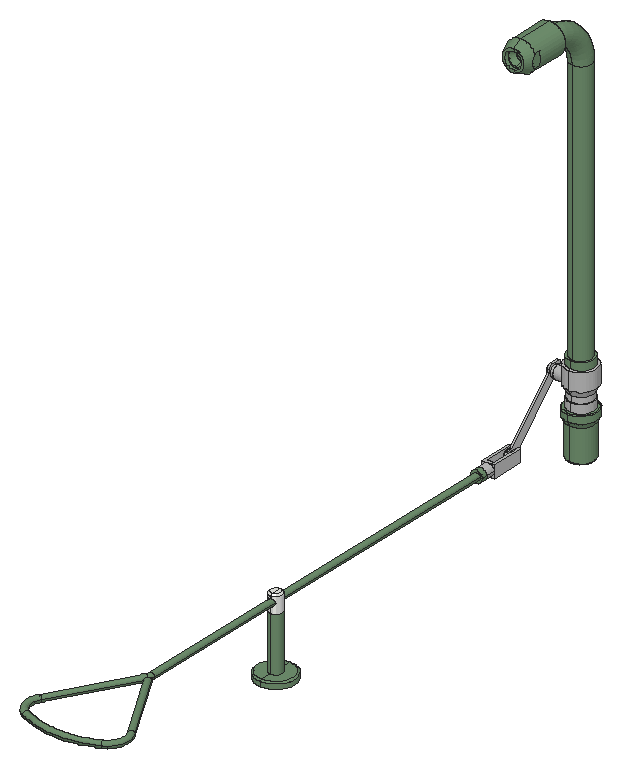
Revit family "PRD_FrankeWS_SftyShwrs_EmergencyShower_FAID0008", category Plumbing Fixtures, host Face, Revit 2018
Family settings
  Host = Face
  Round Connector Dimension = Use Diameter
  Part Type = Normal
  OmniClass Number = 23.45.05.14.99
  OmniClass Title = Other Sanitary Washing Plumbing Fixtures
  Cut with Voids When Loaded = Yes
  Shared = Yes
  Room Calculation Point = No
Parameters (values of type "FAID0008")
  WarrantyStartDate [instance] = "1900-12-31T23:59:59"
  WarrantyGuarantorParts = "n/a"
  WarrantyGuarantorLabor = "n/a"
  WarrantyDurationUnit = "year"
  WarrantyDurationParts = "n/a"
  WarrantyDurationLabor = "n/a"
  WarrantyDescription = "n/a"
  VolumeFlowRate = "1.83 l/s at 3 bar"
  Version = "1"
  Uniclass2015Version = "Products v1.17"
  Uniclass2015Title = "Safety showers"
  Uniclass2015Code = "Pr_40_20_27_75"
  URL = "www.kwc.com"
  TypeOfFitting = "Cantilever connection"
  Type = "Pipe connection"
  TagNumber [instance] = "n/a"
  SustainabilityPerformance = "n/a"
  SpoutProjection = "588.00 mm"
  Size = "n/a"
  ShowerType = "Individual"
  ShowerMaterial = PRD_AR_Brass_EPSCoated_Green
  ShowerHeadDescription = "Emergency shower head"
  Shape = "n/a"
  SerialNumber [instance] = "n/a"
  Revision = "n/a"
  ReplacementCost = "n/a"
  ProductInformation = "https://pim.kwc.com/product/2030019175/attachment/datasheet?locale=en"
  NominalWidth = 0.00 mm
  NominalHeight = 0.00 mm
  NominalDepth = 600.00 mm
  NetWeight = 2.10 kg
  Name = "Emergency Shower FAID0008"
  NBSTypeID = "n/a"
  NBSReference = "n/a"
  NBSOfficeMasterTag = "n/a"
  NBSNote = "n/a"
  NBSDescription = "n/a"
  NBSCertification = "n/a"
  ModelReference = "FAID0008"
  ModelNumber = "2030019175"
  Model = ModelReference  # "FAID0008"
  Material = "brass"
  ManufacturerURL = "www.kwc.com"
  ManufacturerName = "KWC Group AG"  # constant formula
  Manufacturer = ManufacturerName  # "KWC Group AG"
  IntegralAccessories = "n/a"
  InstallationDate [instance] = "1900-12-31T23:59:59"
  IfcExportType = "SHOWER"
  IfcExportAs = "IfcSanitaryTerminalType"
  HasTray = "FALSE"
  GrossWeight = 2.80 kg
  Grade = "n/a"
  Finish = "EPS coated"
  Features = "surface mounting, on connection piece provided by the customer. Valve activated by triangular handle"
  ExpectedLife = "n/a"
  DurationUnit = "year"
  DrainSize = 20.00 mm
  DiameterNominal = 20.00 mm
  Description = "Pull-rod operated emergency shower, for surface mounting, on connection piece provided by the customer. Valve activated by triangular handle. With wall bracket and emergency shower head. Non-self-closing, the water flow is stopped by pushing up the pull rod, green EPS coating (RAL 6032), complies with EN 15154, Part 1, includes the emergency shower safety symbol on an adhesive label in compliance with ISO 3864, Part 1 and user instructions. Volumetric flow rate approx. 65 l/min at 1 bar pressure, approx. 110 l/min at 3 bar pressure, water connection G 3/4 B."
  Default Elevation = 2300.00 mm
  CreatedOn = "03/2021"  # constant formula
  Constituents = "n/a"
  Color = "green"
  CodePerformance = "n/a"
  Category = "Pr_40_20_27_75, Safety showers"
  BarCode [instance] = "n/a"
  BIMObjectName = "PRD_AR_SafetyShowers_EmergencyShower_FAID0008"
  Author = "Archispace"  # constant formula
  AssetType = "Fixed"
  AssetIdentifier [instance] = "n/a"
  AccessibilityPerformance = "n/a"
Reference planes
  plane 1 "Center (Front/Back)": y = 0
  plane 2: z = 0
  plane 3 "Center (Left/Right)": x = 0
  plane 4: z = 86
  plane 5: y = -35
  plane 6: z = 162
Forms (mm)
  Sweep 1, solid, material "PRD_AR_Brass_EPSCoated_Green" <- "ShowerMaterial", detail levels medium+fine
    path origin (0, 0, 0) x (0, 1, 0) y (0, 0, 1)
      loop
        line (0, 192) -> (0, 539)
        arc (0, 539) -> (-14.059, 572.941) -> (-48, 587) r 48
    profile origin (0, 0, 365.5) x (0, -1, 0) y (1, 0, 0)
      loop
        circle (0, 0) r 13.5
  Revolve 2, solid, material "PRD_AR_Brass_EPSCoated_Green" <- "ShowerMaterial", detail levels fine
    sketch origin (0, 0, 187) x (0, 1, 0) y (0, 0, 1)
      loop
        line (-110.8, 389) -> (-110.8, 386) -> (-97.933, 380) -> (-50.9, 380) -> (-48.9, 382) -> (-48.9, 386.5) -> (-48, 386.5) -> (-48, 400) -> (-98.6, 400) -> (-98.6, 393.75) -> (-106.3, 390.542) -> (-106.3, 389) -> (-110.8, 389)
      axis (-48, 400) -> (-110.8, 400)
    angle from 0 to 360
  Extrusion 3, void
    sketch origin (-36, 0, 187) x (1, 0, 0) y (0, 0, 1)
      loop
        line (18, 429.585) -> (8, 429.585) -> (8, 377.355) -> (18, 377.355) -> (18, 429.585)
      loop
        line (54, 429.585) -> (54, 377.355) -> (66.947, 377.355) -> (66.947, 429.585) -> (54, 429.585)
    from 90.8 to 110.8
  Revolve 4, solid, material "PRD_AR_Brass_EPSCoated_Green" <- "ShowerMaterial", detail levels medium
    sketch origin (0, 0, 187) x (0, 1, 0) y (0, 0, 1)
      loop
        line (-110.8, 400) -> (-110.8, 380) -> (-48, 380) -> (-48, 400) -> (-110.8, 400)
      axis (-48, 400) -> (-110.8, 400)
    angle from 0 to 360
  Revolve 5, solid, material "PRD_AR_Brass_EPSCoated_Green" <- "ShowerMaterial", detail levels fine
    sketch origin (0, 0, 0) x (0, 1, 0) y (0, 0, 1)
      loop
        line (0, 72.5) -> (16.5, 72.5) -> (17.5, 73.5) -> (17.5, 115.938) -> (21, 122) -> (21, 131) -> (20, 132) -> (0, 132) -> (0, 72.5)
      axis (0, 132) -> (0, 72.5)
    angle from 0 to 360
  Revolve 6, solid, material "PRD_AR_Aluminium", detail levels fine
    sketch origin (0, 0, 0) x (0, 1, 0) y (0, 0, 1)
      loop
        line (16.46, 132) -> (16.46, 142.299) -> (15.433, 143.345) -> (15.433, 151.185) -> (20, 158.96) -> (20, 181.866) -> (16.777, 182.73) -> (0, 182.73) -> (0, 132) -> (16.46, 132)
      axis (0, 182.73) -> (0, 132)
    angle from 0 to 360
  Sweep 7, solid, material "PRD_AR_Brass_EPSCoated_Green" <- "ShowerMaterial", detail levels medium+fine
    path origin (-366, 75.159, 0) x (1, 0, 0) y (0, 1, 0)
      loop
        line (330, -201.023) -> (330, -736.023)
        arc (330, -736.023) -> (329.591, -739.129) -> (328.392, -742.023) r 12
        line (328.392, -742.023) -> (269.739, -843.614)
        arc (269.739, -843.614) -> (267.418, -863.211) -> (280.034, -878.386) r 25
        arc (280.034, -878.386) -> (330, -890.389) -> (379.966, -878.386) r 110
        arc (379.966, -878.386) -> (392.582, -863.211) -> (390.261, -843.614) r 25
        line (390.261, -843.614) -> (333.785, -745.793)
    profile origin (-36, -393.364, 0) x (1, 0, 0) y (0, 0, 1)
      loop
        circle (0, 91.436) r 4
  Extrusion 8, solid, material "PRD_AR_Aluminium", detail levels fine
    sketch origin (-189.067, 39.094, -238.564) x (0, 0, 1) y (0, -1, 0)
      loop
        line (322, 146.159) -> (322, 101.933)
        arc (322, 101.933) -> (330, 100.159) -> (338, 101.933) r 18.922
        line (338, 101.933) -> (338, 146.159) -> (322, 146.159)
    from 145 to 161.134
  Revolve 9, solid, material "PRD_AR_Aluminium", detail levels fine
    sketch origin (294, 23.094, 91.436) x (-1, 0, 0) y (0, -1, 0)
      loop
        line (330, 130.159) -> (330, 142.159) -> (322.5, 142.159) -> (322.5, 130.159) -> (330, 130.159)
      axis (330, 130.159) -> (330, 142.159)
    angle from 0 to 360
  Extrusion 10, void
    sketch origin (-189.067, 39.094, -238.564) x (0, 1, 0) y (-1, 0, 0)
      loop
        line (-100.159, -157) -> (-104.886, -161.821) -> (-98.159, -161.821) -> (-98.159, -144.179) -> (-104.886, -144.179) -> (-100.159, -149) -> (-142.159, -149) -> (-142.159, -157) -> (-100.159, -157)
    from 317.93 to 343.167
  Extrusion 11, solid, material "PRD_AR_Aluminium", detail levels fine
    sketch origin (-121, -401.064, -18.723) x (0, 1, 0) y (0, 0, 1)
      loop
        circle (330, 110.159) r 8
    from 86.5 to 88.933
  Extrusion 12, solid, material "PRD_AR_Aluminium", detail levels fine
    sketch origin (-126.5, -401.064, -18.723) x (0, 1, 0) y (0, 0, 1)
      loop
        circle (330, 110.159) r 8
    from 86.433 to 89
  Revolve 13, solid, material "PRD_AR_Aluminium", detail levels fine
    sketch origin (0, 0, -62) x (1, 0, 0) y (0, 0, 1)
      loop
        line (-41.6, 224) -> (-41.6, 220.031) -> (-40.2, 220.031) -> (-40.2, 218.5) -> (-38.2, 218.5) -> (-38.2, 220) -> (-33.7, 220) -> (-33.7, 216.294) -> (-30.5, 216.294) -> (-30.5, 218.035) -> (-29.5, 218.103) -> (-29.5, 215.5) -> (0, 215.5) -> (0, 224) -> (-41.6, 224)
      axis (-41.6, 224) -> (0, 224)
    angle from 0 to 360
  Extrusion 14, solid, material "PRD_AR_Aluminium", detail levels fine
    sketch origin (-1, -156.064, 168.802) x (0, 0, -1) y (0, -1, 0)
      loop
        line (68.97, -86.325) -> (7.231, -148.064) -> (3.302, -148.064)
        arc (3.302, -148.064) -> (-0.234, -149.529) -> (-1.698, -153.064) r 5
        line (-1.698, -153.064) -> (-1.698, -164.064) -> (9.302, -164.064)
        arc (9.302, -164.064) -> (12.837, -162.6) -> (14.302, -159.064) r 5
        line (14.302, -159.064) -> (14.302, -155.135) -> (76.041, -93.396)
        arc (76.041, -93.396) -> (83.376, -78.99) -> (68.97, -86.325) r 8.5
      loop
        circle (6.802, -156.564) r 4
    from 33.5 to 36.5
  Revolve 15, solid, material "PRD_AR_Brass_EPSCoated_Green" <- "ShowerMaterial", detail levels medium
    sketch origin (0, 0, 0) x (0, 1, 0) y (0, 0, 1)
      loop
        line (0, 72.5) -> (17.5, 72.5) -> (17.5, 115.938) -> (21, 122) -> (21, 132) -> (0, 132) -> (0, 72.5)
      axis (0, 132) -> (0, 72.5)
    angle from 0 to 360
  Revolve 16, solid, material "PRD_AR_Aluminium", detail levels medium
    sketch origin (0, 0, 0) x (0, 1, 0) y (0, 0, 1)
      loop
        line (16.46, 132) -> (16.46, 152.933) -> (20, 158.96) -> (20, 182.73) -> (0, 182.73) -> (0, 132) -> (16.46, 132)
      axis (0, 182.73) -> (0, 132)
    angle from 0 to 360
  Extrusion 17, solid, material "PRD_AR_Aluminium", detail levels medium
    sketch origin (-189.067, 21.228, -238.564) x (0, 0, 1) y (0, -1, 0)
      loop
        line (322, 147.093) -> (322, 82.294) -> (338, 82.294) -> (338, 147.093) -> (322, 147.093)
    from 145 to 161.134
  Extrusion 18, solid, material "PRD_AR_Aluminium", detail levels medium
    sketch origin (-5.366, -156.064, 168.802) x (0, 0, -1) y (0, -1, 0)
      loop
        line (73.83, -81.464) -> (2.766, -152.529) -> (9.837, -159.6) -> (80.902, -88.536) -> (73.83, -81.464)
    from 29.134 to 32.134
  Extrusion 19, solid, material "PRD_AR_Brass_EPSCoated_Green" <- "ShowerMaterial", detail levels coarse
    sketch origin (0, 0, 42.5) x (0, 1, 0) y (-1, 0, 0)
      loop
        line (25, 45) -> (-110.8, 45) -> (-110.8, -22.15) -> (25, -22.15) -> (25, 45)
    from 30 to 565
  Extrusion 20, solid, material "PRD_AR_Brass_EPSCoated_Green" <- "ShowerMaterial", detail levels coarse
    sketch origin (-36, 0, 42.5) x (0, 1, 0) y (-1, 0, 0)
      loop
        line (-110.8, -71.933) -> (-110.8, 73.067) -> (-819.786, 73.067) -> (-819.786, -71.933) -> (-110.8, -71.933)
    from -42.5 to 58.936
  Revolve 21, solid, material "PRD_AR_Brass_EPSCoated_Green" <- "ShowerMaterial", detail levels medium+fine
    sketch origin (0, 0, 0) x (0, 1, 0) y (0, 0, 1)
      loop
        line (16.612, 182.73) -> (16.612, 192) -> (0, 192) -> (0, 182.73) -> (16.612, 182.73)
      axis (0, 192) -> (0, 182.73)
    angle from 0 to 360
  Revolve 22, solid, material "PRD_AR_Brass_EPSCoated_Green" <- "ShowerMaterial", detail levels fine
    sketch origin (294, 8.094, 91.436) x (-1, 0, 0) y (0, -1, 0)
      loop
        line (322.5, 127.159) -> (330, 127.159) -> (330, 133.959) -> (322.5, 133.959) -> (322.5, 127.159)
      axis (330, 127.159) -> (330, 133.959)
    angle from 0 to 360
  Revolve 23, solid, material "PRD_AR_Aluminium", detail levels medium
    sketch origin (0, 0, -62) x (1, 0, 0) y (0, 0, 1)
      loop
        line (-41.6, 224) -> (-41.6, 215.5) -> (0, 215.5) -> (0, 224) -> (-41.6, 224)
      axis (-41.6, 224) -> (0, 224)
    angle from 0 to 360
  Revolve 24, solid, material "PRD_AR_Brass_EPSCoated_Green" <- "ShowerMaterial", detail levels fine
    sketch origin (-36, 21.527, 0) x (0, 1, 0) y (0, 0, 1)
      loop
        line (-477.392, 0) -> (-452.392, 0) -> (-452.392, 6) -> (-454.392, 8) -> (-469.142, 8) -> (-469.142, 79.436) -> (-477.392, 79.436) -> (-477.392, 0)
      axis (-477.392, 0) -> (-477.392, 79.436)
    angle from 0 to 360
  Revolve 25, solid, material "PRD_AR_ResinBondedMaterial_White", detail levels fine
    sketch origin (-36, 21.527, -62.564) x (0, 1, 0) y (0, 0, 1)
      loop
        line (-477.392, 142) -> (-469.142, 142) -> (-469.142, 162) -> (-471.142, 164) -> (-477.392, 164) -> (-477.392, 142)
      axis (-477.392, 164) -> (-477.392, 142)
    angle from 0 to 360
  Extrusion 26, void
    sketch origin (-631, 23.2, 6.436) x (1, 0, 0) y (0, 0, 1)
      loop
        circle (595, 85) r 5.5
    from 467.227 to 491.981
  Revolve 27, solid, material "PRD_AR_Brass_EPSCoated_Green" <- "ShowerMaterial", detail levels medium
    sketch origin (-36, 21.527, 0) x (0, 1, 0) y (0, 0, 1)
      loop
        line (-477.392, 0) -> (-452.392, 0) -> (-452.392, 8) -> (-469.142, 8) -> (-469.142, 101.436) -> (-477.392, 101.436) -> (-477.392, 0)
      axis (-477.392, 0) -> (-477.392, 101.436)
    angle from 0 to 360
Cuts and joins
  Extrusion 3 cuts Revolve 2
  Extrusion 10 cuts Extrusion 8
  joined: Revolve 6, Revolve 13
  Extrusion 26 cuts Extrusion 19
  joined: Extrusion 19, Extrusion 20
  joined: Revolve 16, Extrusion 17, Extrusion 18, Revolve 23
  Extrusion 26 cuts Revolve 25
Dimensions and locks
  plane 4 to level = 86.00 mm
  plane 6 to host face = 162.00 mm
  aligned and locked: plane 2 to host face
  aligned and locked: level to host face
Connectors
  piping at (0, 0, 72.5), diameter 20, driven by "DiameterNominal"
    settings: on Revolve 5, index 1, connector inside diameter 609.60 mm, connector length 0.00 mm, flow factor 0, pipe flow 0.0 L/s, pressure drop 0.0 Pa, fitting loss kfactor 0, connector angle 0.00°, fixture units 0, engagement length 0.00 mm, angle of deflection 0.00°, flow configuration 0, flow direction 1, fitting loss method 0, system type 7, joint type 0, gender type 0, connector reference index -1, connector utility 0, adjustable connector no, is connector primary yes, connector description ""
